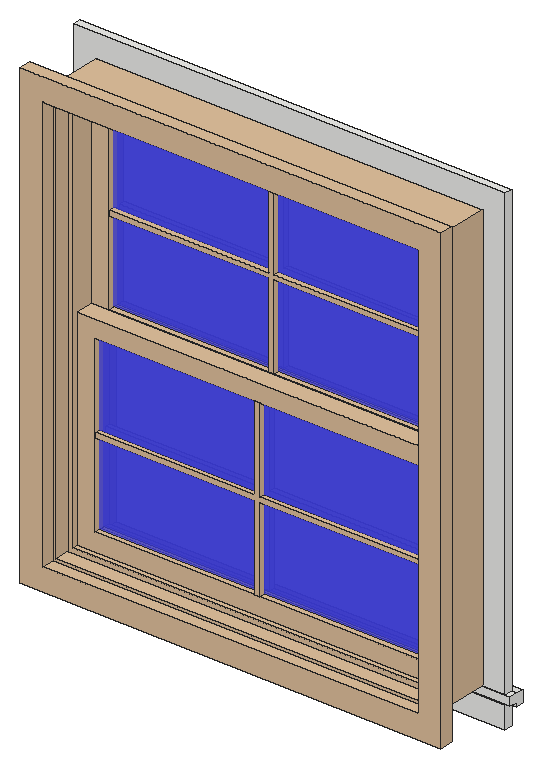
Revit family "9ac3d0b5e0014463a2923b760779e21c", category Windows, host Wall, Revit 2021
Family settings
  Host = Wall
  OmniClass Number = 23.30.20.17.17.14
  OmniClass Title = Double-Hung Windows
  Always vertical = Yes
  Cut with Voids When Loaded = No
  Shared = No
  Room Calculation Point = No
Parameters (values of type "38" x 42"")
  Wall Thickness [instance] = 0' - 6"
  Window Inset [instance] = 0' - 0"
  Visual Light Transmittance = 0.81
  Top Muntin Visibility = yes
  Thermal Resistance (R) = 1.8146 (h·ft²·°F)/BTU
  Solar Heat Gain Coefficient = 0.76
  Muntin Width = Width - 0' 6"  # 2' - 8"
  Muntin Pattern = Muntin Pattern_2x2 : Muntin Pattern_2x2
  Muntin Height = 0.5 * (Height - 0' 6" - 0' 1 3/4")  # 1' - 5 1/8"
  Interior Wall Closure [instance] = 0' - 1 1/2"
  Interior Trim Material = Wood - Stained
  Interior Trim = Trim-Window-Interior-Flat : Picture Frame
  Rough Width = Width + 0' 0 1/2"  # 3' - 2 1/2"
  Rough Height = Height + 0' 0 1/2"  # 3' - 6 1/2"
  Indicator Visibility [instance] = yes
  Frame Extension [instance] = if(Exterior Trim Visibility, Window Inset + 0' 1 1/4", 0' 1 1/4")  # 0' - 1 1/4"
  Fire Rating = "0.5h"
  Exterior Wall Closure [instance] = 0' - 0 1/2"
  Exterior Trim Material = Clad - White
  Extension Jamb Visibility [instance] = and(Interior Trim Visibility, Wall Thickness - Window Inset > 0' 4 1/2")  # yes
  Interior Trim Visibility [instance] = yes
  Exterior Trim Visibility [instance] = yes
  Exterior Trim = Trim-Window-Exterior-Flat : with Sill
  Extension Jamb [instance] = if(Wall Thickness - Window Inset > 0' 4 1/2", Wall Thickness - Window Inset - 0' 4 1/2", 0' 1")  # 0' - 1 1/2"
  Define Thermal Properties by = Schematic Type
  Construction Type Id = "DG-DR"
  Heat Transfer Coefficient (U) = 0.5511 BTU/(h·ft²·°F)
  Bottom Muntin Visibility = yes
  Assembly Code = "B2020100"
  Glass Panel Material = Glass
  Height = 3' - 6"
  Exterior Frame Material = Clad - White
  Interior Frame Material = Wood - Stained
  Wall Closure = By host
  Width = 3' - 2"
  Analytic Construction = "Double glazing - domestic"
Reference planes (in)
  plane 1 "Center (Front/Back)": y = 0
  plane 2: z = 0
  plane 3 "Center": x = 0
  plane 4 "Left": x = -19
  plane 5 "Right": x = 19
  plane 6 "Sill": z = 36
  plane 7 "Top": z = 78
  plane 8 "Wall Face": y = 3
  plane 9: y = -3
  plane 10 "Middle": z = 57
  plane 11: z = 76.75
  plane 12: z = 37.25
  plane 13: x = 17.75
  plane 14: x = -17.75
  plane 15: x = 16
  plane 16: x = -16
  plane 17: z = 39
  plane 18: z = 75
  plane 19 "Wall Closure": y = -1.5
  plane 20: z = 77.375
  plane 21 "Frame Face": y = 3.75
  plane 22 "Sash 2": y = -1
  plane 23 "Sash Face 1": y = 2.5
  plane 24 "Inset Face": y = 3
  plane 25 "Sash 1": y = 0.75
  plane 26 "Glass 1": y = 1.625
  plane 27: z = 57.875
  plane 28: z = 56.125
  plane 29 "Glass 2": y = -0.125
  plane 30: y = -1.5
  plane 31: z = 47.5625
  plane 32: z = 66.4375
  plane 33: y = -1.5
  plane 34: y = 2.5
  plane 35: y = 3.75
Forms (in)
  Extrusion 1, solid, material "Wood - Stained" <- "Interior Frame Material", visible <- "Extension Jamb Visibility"
    sketch origin (0, -0.25, 0) x (-1, 0, 0) y (0, 0, 1)
      loop
        line (19, 78) -> (-19, 78) -> (-19, 36) -> (19, 36) -> (19, 78)
      loop
        line (18.25, 77.25) -> (-18.25, 77.25) -> (-18.25, 36.75) -> (18.25, 36.75) -> (18.25, 77.25)
    from -2.75 to -1.25
  Sweep 2, solid, material "Wood - Stained" <- "Interior Frame Material"
    path origin (0, 2.5, 0) x (-1, 0, 0) y (0, 0, 1)
      loop
        line (-19, 36) -> (19, 36) -> (19, 78) -> (-19, 78) -> (-19, 36)
    profile origin (19, 2.5, 57) x (1, 0, 0) y (0, 1, 0)
      loop
        line (-1.25, 1.25) -> (-1.25, -4) -> (0, -4) -> (0, 1.25) -> (-1.25, 1.25)
  Sweep 3, solid, material "Wood - Stained" <- "Interior Frame Material"
    path origin (0, 2.5, 0) x (-1, 0, 0) y (0, 0, 1)
      loop
        line (-17.75, 56.125) -> (17.75, 56.125) -> (17.75, 76.75) -> (-17.75, 76.75) -> (-17.75, 56.125)
    profile origin (17.75, 2.5, 66.4375) x (1, 0, 0) y (0, 1, 0)
      loop
        line (0, 0) -> (-1.75, 0) -> (-1.75, -1.75) -> (0, -1.75) -> (0, 0)
  Sweep 4, solid, material "Wood - Stained" <- "Interior Frame Material"
    path origin (0, 0.75, 0) x (-1, 0, 0) y (0, 0, 1)
      loop
        line (-17.75, 37.25) -> (17.75, 37.25) -> (17.75, 57.875) -> (-17.75, 57.875) -> (-17.75, 37.25)
    profile origin (17.75, 0.75, 47.5625) x (1, 0, 0) y (0, 1, 0)
      loop
        line (0, 0) -> (-1.75, 0) -> (-1.75, -1.75) -> (0, -1.75) -> (0, 0)
  Extrusion 5, solid, material "Glass" <- "Glass Panel Material"
    sketch origin (0, 0, 36) x (0, -1, 0) y (1, 0, 0)
      loop
        line (-2, -16) -> (-1.75, -16) -> (-1.75, 16) -> (-2, 16) -> (-2, -16)
      loop
        line (-1.5, 16) -> (-1.5, -16) -> (-1.25, -16) -> (-1.25, 16) -> (-1.5, 16)
    from 21.875 to 39
  Extrusion 6, solid, material "Glass" <- "Glass Panel Material"
    sketch origin (0, 0, 0) x (1, 0, 0) y (0, 1, 0)
      loop
        line (-16, 0.25) -> (-16, 0) -> (16, 0) -> (16, 0.25) -> (-16, 0.25)
      loop
        line (16, -0.25) -> (-16, -0.25) -> (-16, -0.5) -> (16, -0.5) -> (16, -0.25)
    from 39 to 56.125
Lines and regions (in)
  Opening 1
    outline origin (-60, -3, 0) x (1, 0, 0) y (0, 0, 1)
      loop
        line (79, 78) -> (41, 78) -> (41, 36) -> (79, 36) -> (79, 78)
  Split face 1
    outline origin (-16, -1, 39) x (1, 0, 0) y (0, 1, 0)
      loop
        line (0, 1) -> (32, 1)
  Split face 2
    outline origin (16, -1, 39) x (0, 0, 1) y (0, 1, 0)
      loop
        line (0, 1) -> (17.125, 1)
  Split face 3
    outline origin (-16, -1, 56.125) x (0, 0, -1) y (0, 1, 0)
      loop
        line (17.125, 1) -> (0, 1)
  Split face 4
    outline origin (16, -1, 56.125) x (0, 1, 0) y (-1, 0, 0)
      loop
        line (1, 0) -> (1, 32)
  Split face 5
    outline origin (-16, 0.75, 57.875) x (1, 0, 0) y (0, 1, 0)
      loop
        line (32, 0.75) -> (0, 0.75)
  Split face 6
    outline origin (-16, 0.75, 57.875) x (1, 0, 0) y (0, 1, 0)
      loop
        line (32, 1) -> (0, 1)
  Split face 7
    outline origin (16, 0.75, 57.875) x (0, 0, 1) y (0, 1, 0)
      loop
        line (0, 1) -> (17.125, 1)
  Split face 8
    outline origin (-16, 0.75, 75) x (0, 0, -1) y (0, 1, 0)
      loop
        line (17.125, 1) -> (0, 1)
  Split face 9
    outline origin (16, 0.75, 75) x (0, 1, 0) y (-1, 0, 0)
      loop
        line (1, 0) -> (1, 32)
  Split face 10
    outline origin (-17.75, -1.5, 37.25) x (1, 0, 0) y (0, 1, 0)
      loop
        line (0, 2.25) -> (35.5, 2.25)
  Split face 11
    outline origin (17.75, -1.5, 37.25) x (0, 0, 1) y (0, 1, 0)
      loop
        line (39.5, 4) -> (18.875, 4) -> (18.875, 2.25) -> (0, 2.25)
  Split face 12
    outline origin (-17.75, -1.5, 76.75) x (0, 0, -1) y (0, 1, 0)
      loop
        line (0, 4) -> (20.625, 4) -> (20.625, 2.25) -> (39.5, 2.25)
  Split face 13
    outline origin (17.75, -1.5, 76.75) x (0, 1, 0) y (-1, 0, 0)
      loop
        line (4, 0) -> (4, 35.5)
Text (in)
  text "EXTERIOR" at (-58.6888, 30.41546, 0), in view "Ref. Level"
  text "INTERIOR" at (-58.6888, -28.32711, 0), in view "Ref. Level"
  text "Exterior" at (0, 43.65631, 134.44969), in view "Left"
  text "Exterior" at (0, 18.29385, 125.04747), in view "Right"
Dimensions and locks (in)
  equal spacing: plane 4 "Left", plane 3 "Center", plane 5 "Right"
  "Width": plane 4 "Left" to plane 5 "Right"
  equal spacing: plane 6 "Sill", plane 10 "Middle", plane 7 "Top"
  "Height": plane 7 "Top" to plane 6 "Sill"
  locked: plane 5 "Right" to plane 13 at 1.25
  locked: plane 14 to plane 4 "Left" at 1.25
  locked: plane 11 to plane 7 "Top" at 1.25
  locked: plane 6 "Sill" to plane 12 at 1.25
  locked: plane 15 to plane 13 at 1.75
  locked: plane 14 to plane 16 at 1.75
  locked: plane 18 to plane 11 at 1.75
  locked: plane 12 to plane 17 at 1.75
  "Wall Thickness": host wall to host wall
  locked: plane 7 "Top" to plane 20 at 0.625
  locked: plane 21 "Frame Face" to plane 8 "Wall Face" at 0.75
  locked: plane 24 "Inset Face" to plane 23 "Sash Face 1" at 0.5
  "Window Inset": plane 8 "Wall Face" to plane 24 "Inset Face"
  locked: plane 23 "Sash Face 1" to plane 25 "Sash 1" at 1.75
  locked: plane 25 "Sash 1" to plane 22 "Sash 2" at 1.75
  equal spacing: plane 23 "Sash Face 1", plane 26 "Glass 1", plane 25 "Sash 1"
  equal spacing: plane 28, plane 10 "Middle", plane 27
  locked: plane 28 to plane 27 at 1.75
  locked: Extrusion 5 sketch curve to Extrusion 5 sketch curve at 0.25  (x3)
  equal spacing: Extrusion 5 sketch curve, plane 26 "Glass 1", Extrusion 5 sketch curve
  equal spacing: plane 25 "Sash 1", plane 29 "Glass 2", plane 22 "Sash 2"
  locked: Extrusion 6 sketch curve to Extrusion 6 sketch curve at 0.25  (x3)
  equal spacing: Extrusion 6 sketch curve, plane 29 "Glass 2", Extrusion 6 sketch curve
  locked: plane 22 "Sash 2" to plane 30 at 0.5
  "Extension Jamb": plane 19 "Wall Closure" to host wall
  locked: Extrusion 1 sketch curve to plane 5 "Right" at 0.75
  locked: Extrusion 1 sketch curve to plane 7 "Top" at 0.75
  locked: plane 4 "Left" to Extrusion 1 sketch curve at 0.75
  locked: plane 6 "Sill" to Extrusion 1 sketch curve at 0.75
  equal spacing: plane 27, plane 32, plane 18
  equal spacing: plane 17, plane 31, plane 28
  nested 2 to Extrusion 1 = 0' - 2 1/4"
  "Interior Wall Closure": plane 33 to plane 9
  "Exterior Wall Closure": plane 8 "Wall Face" to plane 34
  "Frame Extension": plane 35 to plane 23 "Sash Face 1"
  aligned and locked: plane 9 to host wall
  aligned and locked: host wall to plane 8 "Wall Face"
  aligned and locked: Opening 1 sketch curve to plane 4 "Left"
  aligned and locked: plane 7 "Top" to Opening 1 sketch curve
  aligned and locked: plane 5 "Right" to Opening 1 sketch curve
  aligned and locked: Opening 1 sketch curve to plane 6 "Sill"
  aligned and locked: plane 7 "Top" to Extrusion 1 sketch curve
  aligned and locked: Extrusion 1 sketch curve to plane 4 "Left"
  aligned and locked: plane 5 "Right" to Extrusion 1 sketch curve
  aligned and locked: Extrusion 1 sketch curve to plane 6 "Sill"
  aligned and locked: plane 19 "Wall Closure" to Extrusion 1
  aligned and locked: Sweep 2 sketch curve to host wall  (x3)
  aligned and locked: plane 5 "Right" to Sweep 2 sketch curve
  aligned and locked: plane 13 to Sweep 2 sketch curve
  aligned and locked: Sweep 3 sketch curve to plane 13
  aligned and locked: plane 14 to Sweep 3 sketch curve
  aligned and locked: Sweep 3 sketch curve to plane 11
  aligned and locked: Sweep 3 sketch curve to plane 25 "Sash 1"
  aligned and locked: plane 28 to Sweep 3 sketch curve
  aligned and locked: Sweep 4 sketch curve to plane 27
  aligned and locked: Sweep 4 sketch curve to plane 13
  aligned and locked: plane 14 to Sweep 4 sketch curve
  aligned and locked: plane 12 to Sweep 4 sketch curve
  aligned and locked: profile plane to Sweep 4 sketch curve
  aligned and locked: Sweep 4 sketch curve to profile plane
  aligned and locked: Sweep 4 sketch curve to plane 22 "Sash 2"
  aligned and locked: plane 15 to Sweep 4 sketch curve
  aligned and locked: plane 18 to Extrusion 5
  aligned and locked: Extrusion 6 sketch curve to plane 16
  aligned and locked: plane 16 to Extrusion 6 sketch curve
  aligned and locked: plane 15 to Extrusion 6 sketch curve
  aligned and locked: Extrusion 6 sketch curve to plane 15
  aligned and locked: plane 17 to Extrusion 6
  aligned and locked: plane 28 to Extrusion 6
  aligned and locked: Split face 1 sketch curve to Extrusion 6
  aligned and locked: Split face 2 sketch curve to Extrusion 6
  aligned and locked: Split face 3 sketch curve to Extrusion 6
  aligned and locked: Split face 4 sketch curve to Extrusion 6
  aligned and locked: plane 15 to Sweep 3 sketch curve
  aligned and locked: Extrusion 5 to plane 27
  aligned and locked: Extrusion 5 sketch curve to plane 16
  aligned and locked: plane 16 to Extrusion 5 sketch curve
  aligned and locked: plane 15 to Extrusion 5 sketch curve
  aligned and locked: Extrusion 5 sketch curve to plane 15
  aligned and locked: Split face 6 sketch curve to Extrusion 5
  aligned and locked: Split face 7 sketch curve to Extrusion 5
  aligned and locked: Split face 8 sketch curve to Extrusion 5
  aligned and locked: Split face 9 sketch curve to Extrusion 5
  aligned and locked: Split face 10 sketch curve to plane 25 "Sash 1"
  aligned and locked: plane 30 to Sweep 2 sketch curve
  aligned and locked: Extrusion 1 to plane 9
  aligned and locked: plane 25 "Sash 1" to Split face 11 sketch curve
  aligned and locked: Split face 11 sketch curve to plane 28
  aligned and locked: plane 23 "Sash Face 1" to Split face 11 sketch curve
  aligned and locked: Split face 12 sketch curve to plane 25 "Sash 1"
  aligned and locked: plane 28 to Split face 12 sketch curve
  aligned and locked: Split face 12 sketch curve to plane 23 "Sash Face 1"
  aligned and locked: plane 23 "Sash Face 1" to Split face 13 sketch curve
  aligned and locked: nested 3 to plane 8 "Wall Face"
  aligned and locked: plane 3 "Center" to nested 3
  aligned and locked: plane 31 to nested 4
  aligned and locked: plane 32 to nested 5
  aligned and locked: nested 3 to plane 7 "Top"
  aligned and locked: plane 27 to nested 1
  aligned and locked: nested 2 to plane 17
  aligned and locked: plane 3 "Center" to nested 5
  aligned and locked: nested 4 to plane 3 "Center"
  aligned and locked: nested 2 to plane 29 "Glass 2"
  aligned and locked: nested 1 to plane 26 "Glass 1"
  aligned and locked: plane 28 to nested 2
  aligned and locked: plane 18 to nested 1
  aligned and locked: nested 1 to plane 16
  aligned and locked: nested 1 to plane 15
  aligned and locked: nested 2 to plane 15
  aligned and locked: nested 2 to plane 16
  aligned and locked: plane 7 "Top" to nested 7
  aligned and locked: plane 3 "Center" to nested 7
  aligned and locked: plane 7 "Top" to nested 6
  aligned and locked: nested 6 to plane 3 "Center"
  aligned and locked: Sweep 2 sketch curve to plane 35
Automatic sketch dimensions
  Split face 1 sketch curve to Sweep 4 = 0' - 0"  (x2)
  Split face 2 sketch curve to Sweep 4 = 0' - 0"
  Sweep 4 to Split face 2 sketch curve = 0' - 0"
  Sweep 4 to Split face 3 sketch curve = 0' - 0"
  Split face 3 sketch curve to Sweep 4 = 0' - 0"
  Split face 4 sketch curve to Sweep 4 = 0' - 0"  (x2)
  Sweep 3 sketch curve to profile plane = 0' - 0"
  Sweep 3 sketch curve to plane 23 "Sash Face 1" = 0' - 0"
  Split face 5 sketch curve to Sweep 3 = 0' - 0"  (x2)
  Split face 5 sketch curve to Sweep 3 = 0' - 0 3/4"
  Split face 6 sketch curve to Sweep 3 = 0' - 0"  (x2)
  Split face 7 sketch curve to Sweep 3 = 0' - 0"
  Sweep 3 to Split face 7 sketch curve = 0' - 0"
  Sweep 3 to Split face 8 sketch curve = 0' - 0"
  Split face 8 sketch curve to Sweep 3 = 0' - 0"
  Split face 9 sketch curve to Sweep 3 = 0' - 0"  (x2)
  Split face 10 sketch curve to Sweep 2 = 0' - 0"  (x2)
  Split face 11 sketch curve to Sweep 2 = 0' - 0"
  Sweep 2 to Split face 11 sketch curve = 0' - 0"
  Sweep 2 to Split face 12 sketch curve = 0' - 0"
  Split face 12 sketch curve to Sweep 2 = 0' - 0"
  Split face 13 sketch curve to Sweep 2 = 0' - 0"  (x2)
  Sweep 2 sketch curve to plane 7 "Top" = 0' - 0"
Nested families (in)
  nested 1: "Muntin Pattern_2x2" at (0, 1.625, 57.875), Exterior Material <- "Exterior Frame Material", Interior Material <- "Interior Frame Material", type <- "Muntin Pattern", visible <- "Top Muntin Visibility", type "Muntin Pattern_2x2"
    with Width 2' - 8", Interior Material Wood - Stained, Height 1' - 5 1/8", Exterior Material Clad - White
  nested 2: "Muntin Pattern_2x2" at (0, -0.125, 39), Exterior Material <- "Exterior Frame Material", Interior Material <- "Interior Frame Material", type <- "Muntin Pattern", visible <- "Bottom Muntin Visibility", type "Muntin Pattern_2x2"
    with Width 2' - 8", Interior Material Wood - Stained, Height 1' - 5 1/8", Exterior Material Clad - White
  nested 3: "Plan-Double-Hung" at (0, 3, 36), Window Inset <- "Window Inset", Width <- "Width", Wall Thickness <- "Wall Thickness", Height <- "Height", type "Plan-Double-Hung"
    with Window Inset of 3D 0' - 0 1/2", Window Inset 0' - 0", Width 3' - 2", Wall Thickness 0' - 6", Height 3' - 6"
  nested 4: "Filled Arrow" at (0, 0.75, 47.5625) x (0, 0, 1) z (0, 1, 0), visible <- "Indicator Visibility", type "Filled Arrow"
  nested 5: "Filled Arrow" at (0, 0.75, 66.4375) x (0, 0, -1) z (0, 1, 0), visible <- "Indicator Visibility", type "Filled Arrow"
  nested 6: "Trim-Window-Exterior-Flat" at (0, 3, 78) x (-1, 0, 0) z (0, 1, 0), visible <- "Exterior Trim Visibility", Trim Material <- "Exterior Trim Material", Opening Width <- "Width", Opening Height <- "Height", type <- "Exterior Trim", type "with Sill"
    with Trim Material Clad - White, Opening Width 3' - 2", Opening Height 3' - 6"
  nested 7: "Trim-Window-Interior-Flat" at (0, -3, 78) x (1, 0, 0) z (0, -1, 0), visible <- "Interior Trim Visibility", Trim Material <- "Interior Trim Material", Opening Width <- "Width", Opening Height <- "Height", type <- "Interior Trim", type "Picture Frame"
    with Trim Material Wood - Stained, Opening Width 3' - 2", Opening Height 3' - 6"
Definition of nested family "Muntin Pattern_2x2"
  Parameters (values of type "Muntin Pattern_2x2")
    Width [instance] = 4' - 0"
    Thickness = 0' - 0 1/2"
    Height [instance] = 4' - 0"
    Interior Material [instance] = none
    Exterior Material [instance] = none
    Distance = 0' - 0 3/4"
    Default Elevation = 0' - 0"
  Reference planes (in)
    plane 1 "Center (Front/Back)": y = 0
    plane 2: z = 0
    plane 3 "Center (Left/Right)": x = 0
    plane 4: z = 48
    plane 5: x = -24
    plane 6: x = 24
    plane 7: z = 24
    plane 8: y = 0.375
    plane 9: y = 0.875
    plane 10: y = -0.375
    plane 11: y = -0.875
  Forms (in)
    Extrusion 1, solid, material <- "Interior Material", detail levels fine
      sketch origin (0, 0, 0) x (1, 0, 0) y (0, 0, 1)
        loop
          line (-24, 24.25) -> (-24, 23.75) -> (-0.25, 23.75) -> (-0.25, 0) -> (0.25, 0) -> (0.25, 23.75) -> (24, 23.75) -> (24, 24.25) -> (0.25, 24.25) -> (0.25, 48) -> (-0.25, 48) -> (-0.25, 24.25) -> (-24, 24.25)
      from 0.375 to 0.875
    Extrusion 2, solid, material <- "Exterior Material", detail levels fine
      sketch origin (0, 0, 0) x (1, 0, 0) y (0, 0, -1)
        loop
          line (-24, -24.25) -> (-0.25, -24.25) -> (-0.25, -48) -> (0.25, -48) -> (0.25, -24.25) -> (24, -24.25) -> (24, -23.75) -> (0.25, -23.75) -> (0.25, 0) -> (-0.25, 0) -> (-0.25, -23.75) -> (-24, -23.75) -> (-24, -24.25)
      from 0.375 to 0.875
  Lines and regions (in)
    model lines, detail levels medium
      curve 1: line (0, 0.375, 48) -> (0, 0.375, 0)
      curve 2: line (-24, -0.375, 24) -> (24, -0.375, 24)
      curve 3: line (-24, 0.375, 24) -> (24, 0.375, 24)
      curve 4: line (0, -0.375, 48) -> (0, -0.375, 0)
  Dimensions and locks (in)
    equal spacing: plane 6, plane 3 "Center (Left/Right)", plane 5
    "Width": plane 6 to plane 5
    "Height": plane 4 to plane 2
    equal spacing: plane 4, plane 7, plane 2
    locked: plane 3 "Center (Left/Right)" to Extrusion 1 sketch curve at 0.25  (x4)
    locked: Extrusion 1 sketch curve to plane 7 at 0.25  (x2)
    locked: plane 7 to Extrusion 1 sketch curve at 0.25  (x2)
    "Thickness": plane 9 to plane 8
    "Thickness": plane 10 to plane 11
    "Distance": plane 8 to plane 10
    equal spacing: plane 8, plane 1 "Center (Front/Back)", plane 10
    aligned and locked: plane 2 to level
    aligned and locked: plane 4 to curve 1
    aligned and locked: plane 5 to curve 2
    aligned and locked: plane 2 to curve 1
    aligned and locked: plane 6 to curve 2
    aligned and locked: Extrusion 1 sketch curve to plane 4
    aligned and locked: Extrusion 1 sketch curve to plane 6
    aligned and locked: Extrusion 1 sketch curve to plane 5
    aligned and locked: Extrusion 1 sketch curve to level
    aligned and locked: Extrusion 1 to plane 11
    aligned and locked: plane 10 to Extrusion 1
    aligned and locked: Extrusion 2 to plane 5
    aligned and locked: plane 6 to Extrusion 2
    aligned and locked: Extrusion 2 to plane 8
    aligned and locked: plane 9 to Extrusion 2
    aligned and locked: Extrusion 2 to plane 2
    aligned and locked: plane 4 to Extrusion 2
    aligned and locked: plane 5 to curve 3
    aligned and locked: plane 6 to curve 3
    aligned and locked: plane 4 to curve 4
    aligned and locked: plane 2 to curve 4
    aligned and locked: plane 8 to curve 3
  Automatic sketch dimensions
    curve 2 to plane 7 = 0' - 0"
    Extrusion 2 sketch curve to plane 5 = 0' - 0"
    Extrusion 2 sketch curve to level = 0' - 0"
    Extrusion 2 sketch curve to plane 4 = 0' - 0"
    Extrusion 2 sketch curve to plane 6 = 0' - 0"
    Extrusion 2 sketch curve to plane 3 "Center (Left/Right)" = 0' - 0 1/4"  (x2)
    plane 3 "Center (Left/Right)" to Extrusion 2 sketch curve = 0' - 0 1/4"  (x2)
    plane 7 to Extrusion 2 sketch curve = 0' - 0 1/4"  (x2)
    Extrusion 2 sketch curve to plane 7 = 0' - 0 1/4"  (x2)
    curve 4 to plane 3 "Center (Left/Right)" = 0' - 0"
    curve 4 to level = 0' - 0"
    curve 4 to plane 4 = 0' - 0"
    curve 3 to plane 6 = 0' - 0"
    curve 1 to plane 3 "Center (Left/Right)" = 0' - 0"
    curve 3 to plane 5 = 0' - 0"
    curve 3 to plane 7 = 0' - 0"
Definition of nested family "Trim-Window-Exterior-Flat"
  Parameters (values of type "with Sill")
    Trim Width = 0' - 2 1/4"
    Trim Thickness_Picture Frame = 0' - 1 1/4"
    Trim Thickness_with Sill = 0' - 0 3/4"
    Trim Material [instance] = none
    Sill Thickness = 0' - 1 1/4"
    Sill = yes
    Picture Frame = no
    Opening Width [instance] = 2' - 0"
    Opening Height [instance] = 3' - 0"
    Default Elevation = 4' - 0"
  Types (2): name | Sill | Picture Frame
    with Sill | yes | no
    Picture Frame | no | yes
  Reference planes (in)
    plane 1 "Center (Front/Back)": y = 0
    plane 2: z = 0
    plane 3 "Center (Left/Right)": x = 0
    plane 4: y = 2.25
    plane 5 "Left": x = -12
    plane 6 "Right": x = 12
    plane 7 "Bottom": y = -36
    plane 8: y = -37.25
    plane 9: y = -39.12332
    plane 10: x = 14.25
    plane 11: x = -14.25
    plane 12: z = 0.75
    plane 13: z = 1.25
    plane 14: x = 14.75
    plane 15: x = -14.75
    plane 16: y = -36.87332
    plane 17: y = -38.25
    plane 18: z = 0.5
    plane 19: y = -18
    plane 20: z = 1.5
  Forms (in)
    Extrusion 1, solid
      sketch origin (0, 0, 0) x (1, 0, 0) y (0, 1, 0)
        loop
          line (-14.25, 2.25) -> (-14.25, -39.12332) -> (14.25, -39.12332) -> (14.25, 2.25) -> (-14.25, 2.25)
      from 0 to -12
    Extrusion 2, solid, material <- "Trim Material", visible <- "Sill"
      sketch origin (0, 0, 0) x (1, 0, 0) y (0, 1, 0)
        loop
          line (-14.25, -36) -> (-12, -36) -> (-12, 0) -> (12, 0) -> (12, -36) -> (14.25, -36) -> (14.25, 2.25) -> (-14.25, 2.25) -> (-14.25, -36)
      from 0 to 0.75
    Extrusion 3, solid, material <- "Trim Material", visible <- "Sill"
      sketch origin (0, 0, 0) x (0, 1, 0) y (0, 0, 1)
        loop
          line (-36.09677, 1.5) -> (-37.25, 1.5) -> (-37.25, 0.75) -> (-36.87332, 0.75) -> (-36.87332, 0) -> (-36, 0) -> (-36, 0.75) -> (-36.09677, 1.5)
      from -14.75 to 14.75
    Extrusion 4, solid, material <- "Trim Material", visible <- "Sill"
      sketch origin (0, 0, 0) x (1, 0, 0) y (0, 1, 0)
        loop
          line (-14.25, -36.87332) -> (-14.25, -39.12332) -> (14.25, -39.12332) -> (14.25, -36.87332) -> (-14.25, -36.87332)
      from 0 to 0.75
    Extrusion 5, solid, material <- "Trim Material", visible <- "Picture Frame"
      sketch origin (0, 0, 0) x (1, 0, 0) y (0, 1, 0)
        loop
          line (-12, 0) -> (-12, -36) -> (12, -36) -> (12, 0) -> (-12, 0)
        loop
          line (-14.25, 2.25) -> (-14.25, -38.25) -> (14.25, -38.25) -> (14.25, 2.25) -> (-14.25, 2.25)
      from 0 to 1.25
  Dimensions and locks (in)
    equal spacing: plane 5 "Left", plane 3 "Center (Left/Right)", plane 6 "Right"
    "Opening Width": plane 5 "Left" to plane 6 "Right"
    "Opening Height": plane 7 "Bottom" to plane 1 "Center (Front/Back)"
    "Sill Thickness": plane 7 "Bottom" to plane 8
    "Trim Width": plane 11 to plane 5 "Left"
    "Trim Width": plane 6 "Right" to plane 10
    "Trim Width": plane 1 "Center (Front/Back)" to plane 4
    locked: plane 15 to plane 11 at 0.5
    locked: plane 10 to plane 14 at 0.5
    locked: plane 16 to plane 8 at 0.37668
    "Trim Width": plane 9 to plane 16
    "Trim Width": plane 17 to plane 7 "Bottom"
    locked: plane 18 to plane 2 at 0.5
    equal spacing: plane 7 "Bottom", plane 19, plane 1 "Center (Front/Back)"
    locked: plane 20 to plane 12 at 0.75
    "Trim Thickness_with Sill": plane 12 to plane 2
    "Trim Thickness_Picture Frame": plane 13 to plane 2
    aligned and locked: plane 2 to Extrusion 1
    aligned and locked: level to Extrusion 1
    aligned and locked: Extrusion 2 sketch curve to plane 5 "Left"
    aligned and locked: Extrusion 2 sketch curve to plane 11
    aligned and locked: plane 7 "Bottom" to Extrusion 2 sketch curve  (x2)
    aligned and locked: plane 1 "Center (Front/Back)" to Extrusion 2 sketch curve
    aligned and locked: plane 10 to Extrusion 2 sketch curve
    aligned and locked: Extrusion 2 sketch curve to plane 6 "Right"
    aligned and locked: plane 12 to Extrusion 2
    aligned and locked: Extrusion 3 sketch curve to level
    aligned and locked: plane 7 "Bottom" to Extrusion 3 sketch curve
    aligned and locked: Extrusion 3 sketch curve to plane 8
    aligned and locked: plane 15 to Extrusion 3
    aligned and locked: Extrusion 3 to plane 14
    aligned and locked: plane 10 to Extrusion 4 sketch curve
    aligned and locked: Extrusion 4 sketch curve to plane 11
    aligned and locked: plane 16 to Extrusion 4 sketch curve
    aligned and locked: plane 9 to Extrusion 4 sketch curve
    aligned and locked: Extrusion 4 to Extrusion 2
    aligned and locked: Extrusion 2 sketch curve to plane 4
    aligned and locked: plane 1 "Center (Front/Back)" to Extrusion 5 sketch curve
    aligned and locked: Extrusion 5 sketch curve to plane 4
    aligned and locked: Extrusion 5 sketch curve to plane 17
    aligned and locked: plane 7 "Bottom" to Extrusion 5 sketch curve
    aligned and locked: Extrusion 5 sketch curve to plane 6 "Right"
    aligned and locked: plane 10 to Extrusion 5 sketch curve
    aligned and locked: Extrusion 5 sketch curve to plane 5 "Left"
    aligned and locked: Extrusion 5 sketch curve to plane 11
    aligned and locked: plane 13 to Extrusion 5
    aligned and locked: plane 20 to Extrusion 3
  Automatic sketch dimensions
    Extrusion 1 sketch curve to Extrusion 1 sketch curve = 2' - 4 1/2"
    Extrusion 1 sketch curve to Extrusion 1 sketch curve = 3' - 5.37332"
    Extrusion 3 sketch curve to plane 16 = 0' - 0"
    Extrusion 3 sketch curve to plane 12 = 0' - 0"  (x2)
    Extrusion 3 sketch curve to plane 7 "Bottom" = 0' - 0.09677"
    plane 13 to Extrusion 3 sketch curve = 0' - 0 1/4"
Definition of nested family "Trim-Window-Interior-Flat"
  Parameters (values of type "with Sill")
    Trim Thickness_Picture Frame = 0' - 1 1/4"
    Trim Width = 0' - 2 1/4"
    Trim Thickness_with Sill = 0' - 0 3/4"
    Trim Material [instance] = none
    Sill Thickness = 0' - 1 1/4"
    Sill = yes
    Picture Frame = no
    Opening Width [instance] = 2' - 0"
    Opening Height [instance] = 3' - 0"
    Default Elevation = 4' - 0"
  Types (2): name | Sill | Picture Frame
    with Sill | yes | no
    Picture Frame | no | yes
  Reference planes (in)
    plane 1 "Center (Front/Back)": y = 0
    plane 2: z = 0
    plane 3 "Center (Left/Right)": x = 0
    plane 4: y = 1.75
    plane 5 "Left": x = -12
    plane 6 "Right": x = 12
    plane 7 "Bottom": y = -36
    plane 8: y = -37.25
    plane 9: y = -39.12332
    plane 10: x = 13.75
    plane 11: x = -13.75
    plane 12: z = 0.75
    plane 13: z = 1.25
    plane 14: x = 14.25
    plane 15: x = -14.25
    plane 16: y = -36.87332
    plane 17: y = -37.75
    plane 18: z = 0.5
    plane 19: x = -11.5
    plane 20: y = -0.5
    plane 21: x = 11.5
    plane 22: y = -35.5
    plane 23: x = -13.25
    plane 24: x = 13.25
    plane 25: y = -18
  Forms (in)
    Extrusion 1, solid
      sketch origin (0, 0, 0) x (1, 0, 0) y (0, 1, 0)
        loop
          line (-13.75, 1.75) -> (-13.75, -37.75) -> (13.75, -37.75) -> (13.75, 1.75) -> (-13.75, 1.75)
      from 0 to -12
    Extrusion 2, solid, material <- "Trim Material", visible <- "Sill"
      sketch origin (0, 0, 0) x (1, 0, 0) y (0, 1, 0)
        loop
          line (-13.25, -36) -> (-11.5, -36) -> (-11.5, 0) -> (11.5, 0) -> (11.5, -36) -> (13.25, -36) -> (13.25, 1.75) -> (-13.25, 1.75) -> (-13.25, -36)
      from 0 to 0.75
    Extrusion 3, solid, material <- "Trim Material", visible <- "Sill"
      sketch origin (0, 0, 0) x (0, 1, 0) y (0, 0, 1)
        loop
          line (-36.5, 1.5) -> (-36.87332, 1.5) -> (-36.87332, 0) -> (-36, 0) -> (-36, 1)
          arc (-36, 1) -> (-36.14645, 1.35355) -> (-36.5, 1.5) r 0.5
      from -13.75 to 13.75
    Extrusion 4, solid, material <- "Trim Material", visible <- "Sill"
      sketch origin (0, 0, 0) x (1, 0, 0) y (0, 1, 0)
        loop
          line (-13.25, -36.87332) -> (-13.25, -39.12332) -> (13.25, -39.12332) -> (13.25, -36.87332) -> (-13.25, -36.87332)
      from 0 to 0.75
    Extrusion 5, solid, material <- "Trim Material", visible <- "Picture Frame"
      sketch origin (0, 0, 0) x (1, 0, 0) y (0, 1, 0)
        loop
          line (-11.5, -0.5) -> (-11.5, -35.5) -> (11.5, -35.5) -> (11.5, -0.5) -> (-11.5, -0.5)
        loop
          line (-13.75, 1.75) -> (-13.75, -37.75) -> (13.75, -37.75) -> (13.75, 1.75) -> (-13.75, 1.75)
      from 0 to 1.25
  Dimensions and locks (in)
    equal spacing: plane 5 "Left", plane 3 "Center (Left/Right)", plane 6 "Right"
    "Opening Width": plane 5 "Left" to plane 6 "Right"
    "Opening Height": plane 7 "Bottom" to plane 1 "Center (Front/Back)"
    "Sill Thickness": plane 7 "Bottom" to plane 8
    "Trim Width": plane 11 to plane 19
    "Trim Width": plane 21 to plane 10
    "Trim Width": plane 20 to plane 4
    "Trim Thickness_with Sill": plane 12 to plane 2
    locked: plane 15 to plane 11 at 0.5
    locked: plane 10 to plane 14 at 0.5
    locked: plane 16 to plane 8 at 0.37668
    "Trim Width": plane 9 to plane 16
    "Trim Width": plane 17 to plane 22
    plane 20 to plane 1 "Center (Front/Back)" = 0' - 0 1/2"
    plane 5 "Left" to plane 19 = 0' - 0 1/2"
    plane 21 to plane 6 "Right" = 0' - 0 1/2"
    plane 22 to plane 7 "Bottom" = 0' - 0 1/2"
    locked: plane 11 to plane 23 at 0.5
    locked: plane 24 to plane 10 at 0.5
    equal spacing: plane 7 "Bottom", plane 25, plane 1 "Center (Front/Back)"
    "Trim Thickness_Picture Frame": plane 13 to plane 2
    locked: Extrusion 3 to plane 12 at 0.75
    locked: plane 12 to Extrusion 3 sketch curve at 0.75
    radius of Extrusion 3 sketch curve = 0' - 0 1/2"
    aligned and locked: plane 2 to Extrusion 1
    aligned and locked: level to Extrusion 1
    aligned and locked: plane 7 "Bottom" to Extrusion 2 sketch curve  (x2)
    aligned and locked: plane 1 "Center (Front/Back)" to Extrusion 2 sketch curve
    aligned and locked: plane 12 to Extrusion 2
    aligned and locked: Extrusion 3 sketch curve to level
    aligned and locked: plane 7 "Bottom" to Extrusion 3 sketch curve
    aligned and locked: plane 16 to Extrusion 4 sketch curve
    aligned and locked: plane 9 to Extrusion 4 sketch curve
    aligned and locked: Extrusion 2 sketch curve to plane 4
    aligned and locked: Extrusion 5 sketch curve to plane 4
    aligned and locked: Extrusion 5 sketch curve to plane 17
    aligned and locked: plane 10 to Extrusion 5 sketch curve
    aligned and locked: Extrusion 5 sketch curve to plane 11
    aligned and locked: plane 13 to Extrusion 5
    aligned and locked: Extrusion 5 sketch curve to plane 20
    aligned and locked: Extrusion 5 sketch curve to plane 19
    aligned and locked: Extrusion 5 sketch curve to plane 21
    aligned and locked: plane 22 to Extrusion 5 sketch curve
    aligned and locked: Extrusion 4 to plane 24
    aligned and locked: plane 11 to Extrusion 3
    aligned and locked: Extrusion 3 to plane 10
    aligned and locked: Extrusion 2 sketch curve to plane 21
    aligned and locked: Extrusion 2 sketch curve to plane 24
    aligned and locked: Extrusion 2 sketch curve to plane 19
    aligned and locked: Extrusion 2 sketch curve to plane 23
    aligned and locked: plane 12 to Extrusion 4
  Automatic sketch dimensions
    Extrusion 1 sketch curve to Extrusion 1 sketch curve = 2' - 3 1/2"
    Extrusion 1 sketch curve to Extrusion 1 sketch curve = 3' - 3 1/2"
    Extrusion 3 sketch curve to plane 16 = 0' - 0"
    Extrusion 4 sketch curve to plane 11 = 0' - 0 1/2"
    Extrusion 4 sketch curve to plane 24 = 0' - 0"
Definition of nested family "Plan-Double-Hung"
  Parameters (values of type "Plan-Double-Hung")
    Window Inset [instance] = 0' - 0"
    Window Inset of 3D [instance] = if(Window Inset = 0' 0", 0' 0 1/2", if(Window Inset < Wall Thickness - 0' 3 1/2", Window Inset + 0' 0 1/2", Wall Thickness - 0' 3 1/2"))  # 0' - 0 1/2"
    Width [instance] = 4' - 0"
    Wall Thickness [instance] = 0' - 6"
    Height [instance] = 3' - 0"
    Default Elevation = 4' - 0"
    Analytic Construction = "<None>"
  Reference planes (in)
    plane 1 "Center (Front/Back)": y = 0
    plane 2: z = 0
    plane 3 "Center (Left/Right)": x = 0
    plane 4: x = -24
    plane 5: x = 24
    plane 6 "Jamb": y = -4
    plane 7: x = -22.75
    plane 8: y = -0.5
    plane 9: y = -2.25
    plane 10: y = -1.375
    plane 11: x = -21
    plane 12: x = 22.75
    plane 13: x = 21
    plane 14 "Window Inset": y = -1
    plane 15 "Wall": y = -6
    plane 16: z = 36
    plane 17: z = 34.75
    plane 18: z = 1.25
    plane 19: z = 33
    plane 20: z = 3
    plane 21: z = 18
    plane 22: z = 17.125
    plane 23: z = 18.875
    plane 24: y = -3.125
  Lines and regions (in)
    Masking region 1
      outline origin (0, 0.75, 0) x (1, 0, 0) y (0, 1, 0)
        loop
          line (-24, -6.75) -> (24, -6.75) -> (24, -0.75) -> (-24, -0.75) -> (-24, -6.75)
    Masking region 2
      outline origin (0, 0, 0) x (0, 1, 0) y (0, 0, 1)
        loop
          line (-6, 36) -> (-6, 0) -> (0, 0) -> (0, 36) -> (-6, 36)
    symbolic lines
      curve 1: line (-22.75, -2.25, 0) -> (-21, -2.25, 0)
      curve 2: line (-22.75, -0.5, 0) -> (-22.75, -4, 0)
      curve 3: line (-24, -0.5, 0) -> (-21, -0.5, 0)
      curve 4: line (-21, -0.5, 0) -> (-21, -2.25, 0)
      curve 5: line (-21, -1.375, 0) -> (21, -1.375, 0)
      curve 6: line (22.75, -2.25, 0) -> (21, -2.25, 0)
      curve 7: line (22.75, -0.5, 0) -> (22.75, -4, 0)
      curve 8: line (21, -0.5, 0) -> (21, -2.25, 0)
      curve 9: line (-24, -4, 0) -> (-22.75, -4, 0)
      curve 10: line (22.75, -4, 0) -> (24, -4, 0)
      curve 11: line (0, -0.5, 34.75) -> (0, -4, 34.75)
      curve 12: line (0, -4, 0) -> (0, -4, 3)
      curve 13: line (0, -0.5, 1.25) -> (0, -4, 1.25)
      curve 14: line (0, -0.5, 36) -> (0, -0.5, 33)
      curve 15: line (0, -0.5, 33) -> (0, -2.25, 33)
      curve 16: line (0, -4, 3) -> (0, -2.25, 3)
      curve 17: line (0, -1.375, 18.875) -> (0, -1.375, 33)
      curve 18: line (0, -2.25, 34.75) -> (0, -2.25, 33)
      curve 19: line (21, -0.5, 0) -> (24, -0.5, 0)
      curve 20: line (0, -4, 34.75) -> (0, -4, 36)
      curve 21: line (0, -0.5, 1.25) -> (0, -0.5, 0)
      curve 22: line (0, -2.25, 3) -> (0, -2.25, 1.25)
      curve 23: line (0, -4, 18.875) -> (0, -0.5, 18.875)
      curve 24: line (0, -4, 17.125) -> (0, -4, 18.875)
      curve 25: line (0, -0.5, 17.125) -> (0, -4, 17.125)
      curve 26: line (0, -0.5, 18.875) -> (0, -0.5, 17.125)
      curve 27: line (0, -2.25, 18.875) -> (0, -2.25, 17.125)
      curve 28: line (0, -3.125, 17.125) -> (0, -3.125, 3)
      curve 29: line (-21, -0.5, 0) -> (21, -0.5, 0)
      curve 30: line (-22.75, -4, 0) -> (22.75, -4, 0)
      curve 31: line (0, -0.5, 33) -> (0, -0.5, 18.875)
      curve 32: line (0, -4, 34.75) -> (0, -4, 18.875)
      curve 33: line (0, -4, 17.125) -> (0, -4, 3)
      curve 34: line (0, -0.5, 17.125) -> (0, -0.5, 1.25)
  Dimensions and locks (in)
    "Width": plane 4 to plane 5
    equal spacing: plane 4, plane 3 "Center (Left/Right)", plane 5
    locked: plane 4 to plane 7 at 1.25
    equal spacing: plane 8, plane 10, plane 9
    locked: plane 5 to plane 12 at 1.25
    locked: plane 8 to plane 14 "Window Inset" at 0.5
    locked: plane 8 to plane 9 at 1.75
    "Wall Thickness": plane 15 "Wall" to plane 1 "Center (Front/Back)"
    "Height": plane 16 to plane 2
    locked: plane 16 to plane 17 at 1.25
    locked: plane 18 to plane 2 at 1.25
    locked: plane 9 to plane 6 "Jamb" at 1.75
    "Window Inset of 3D": plane 8 to plane 1 "Center (Front/Back)"
    locked: plane 7 to plane 11 at 1.75
    locked: plane 13 to plane 12 at 1.75
    locked: plane 17 to plane 19 at 1.75
    locked: plane 20 to plane 18 at 1.75
    equal spacing: plane 19, plane 21, plane 20
    equal spacing: plane 23, plane 21, plane 22
    locked: plane 23 to plane 22 at 1.75
    equal spacing: plane 6 "Jamb", plane 24, plane 9
    aligned and locked: plane 2 to level
    aligned and locked: curve 1 to plane 9
    aligned and locked: plane 4 to Masking region 1 sketch curve
    aligned and locked: Masking region 1 sketch curve to plane 5
    aligned and locked: Masking region 1 sketch curve to plane 15 "Wall"
    aligned and locked: curve 9 to plane 6 "Jamb"
    aligned and locked: curve 10 to plane 6 "Jamb"
    aligned and locked: plane 1 "Center (Front/Back)" to Masking region 1 sketch curve
    aligned and locked: Masking region 2 sketch curve to plane 16
    aligned and locked: plane 15 "Wall" to Masking region 2 sketch curve
    aligned and locked: level to Masking region 2 sketch curve
    aligned and locked: plane 6 "Jamb" to curve 12
    aligned and locked: plane 17 to curve 11
    aligned and locked: plane 18 to curve 13
    aligned and locked: curve 14 to plane 8
    aligned and locked: plane 19 to curve 15
    aligned and locked: curve 16 to plane 20
    aligned and locked: plane 10 to curve 17
    aligned and locked: plane 4 to curve 3
    aligned and locked: plane 5 to curve 19
    aligned and locked: plane 16 to curve 14
    aligned and locked: plane 8 to curve 11
    aligned and locked: plane 8 to curve 13
    aligned and locked: plane 2 to curve 21
    aligned and locked: plane 8 to curve 2
    aligned and locked: plane 8 to curve 7
    aligned and locked: curve 18 to plane 9
    aligned and locked: plane 17 to curve 18
    aligned and locked: plane 19 to curve 18
    aligned and locked: plane 2 to curve 12
    aligned and locked: curve 19 to plane 8
    aligned and locked: curve 3 to plane 8
    aligned and locked: curve 4 to plane 11
    aligned and locked: plane 13 to curve 8
    aligned and locked: curve 5 to plane 10
    aligned and locked: plane 9 to curve 6
    aligned and locked: plane 6 "Jamb" to curve 20
    aligned and locked: curve 22 to plane 9
    aligned and locked: curve 23 to plane 23
    aligned and locked: plane 6 "Jamb" to curve 24
    aligned and locked: plane 22 to curve 25
    aligned and locked: curve 26 to plane 8
    aligned and locked: curve 27 to plane 9
    aligned and locked: plane 23 to curve 17
    aligned and locked: curve 28 to plane 24
  Automatic sketch dimensions
    Masking region 2 sketch curve to plane 1 "Center (Front/Back)" = 0' - 0"
    curve 9 to plane 4 = 0' - 0"
    curve 2 to plane 7 = 0' - 0"
    curve 7 to plane 12 = 0' - 0"
    curve 10 to plane 5 = 0' - 0"
    curve 34 to plane 18 = 0' - 0"
    curve 20 to plane 16 = 0' - 0"
Definition of nested family "Filled Arrow"
  Parameters (values of type "Filled Arrow")
    D3 = 0' - 0"
    D2 = D1 / 6  # 0' - 1.33333"
    D1 = 0' - 8"
  Reference planes (in)
    plane 1 "Center (Front/Back)": y = 0
    plane 2: z = 0
    plane 3 "Center (Left/Right)": x = 0
    plane 4: y = 0.66667
    plane 5: y = -0.66667
    plane 6: x = -4
    plane 7: x = 4
    plane 8: through (8.02606, -2.81908, 48) normal (-0.5736, -0.8192, 0)
    plane 9: through (8.02606, 2.81908, 48) normal (0.5736, -0.8192, 0)
    plane 10: x = 1.33333
  Lines and regions (in)
    Filled region 1, type "Concrete Block", in view "Ref. Level"
      outline origin (0, 0, 0) x (1, 0, 0) y (0, 1, 0)
        loop
          line (-4, 0.66667) -> (-4, -0.66667) -> (1.33333, -0.66667) -> (1.33333, -1.86722) -> (4, 0) -> (1.33333, 1.86722) -> (1.33333, 0.66667) -> (-4, 0.66667)
    detail lines, in view "Ref. Level"
      curve 1: line (-4, 0.66667, 0) -> (1.33333, 0.66667, 0)
      curve 2: line (-4, 0.66667, 0) -> (-4, -0.66667, 0)
      curve 3: line (-4, -0.66667, 0) -> (1.33333, -0.66667, 0)
      curve 4: line (4, 0, 0) -> (1.33333, -1.86722, 0)
      curve 5: line (4, 0, 0) -> (1.33333, 1.86722, 0)
      curve 6: line (1.33333, -0.66667, 0) -> (1.33333, -1.86722, 0)
      curve 7: line (1.33333, 1.86722, 0) -> (1.33333, 0.66667, 0)
  Dimensions and locks (in)
    equal spacing: plane 6, plane 3 "Center (Left/Right)", plane 7
    "D1": plane 6 to plane 7
    equal spacing: plane 4, plane 1 "Center (Front/Back)", plane 5
    "D2": plane 4 to plane 5
    "D2": plane 3 "Center (Left/Right)" to plane 10
    locked: plane 8 to plane 1 "Center (Front/Back)" (angle 35.00°)
    locked: plane 1 "Center (Front/Back)" to plane 9 (angle 35.00°)
    aligned and locked: curve 1 to plane 4
    aligned and locked: curve 2 to plane 6
    aligned and locked: curve 3 to plane 5
    aligned and locked: curve 4 to plane 9
    aligned and locked: curve 5 to plane 8
    aligned and locked: curve 6 to plane 10
    aligned and locked: curve 7 to plane 10
    aligned and locked: Filled region 1 sketch curve to curve 1
    aligned and locked: Filled region 1 sketch curve to curve 2
    aligned and locked: Filled region 1 sketch curve to curve 3
    aligned and locked: Filled region 1 sketch curve to curve 6
    aligned and locked: Filled region 1 sketch curve to curve 4
    aligned and locked: Filled region 1 sketch curve to curve 5
    aligned and locked: Filled region 1 sketch curve to curve 7
